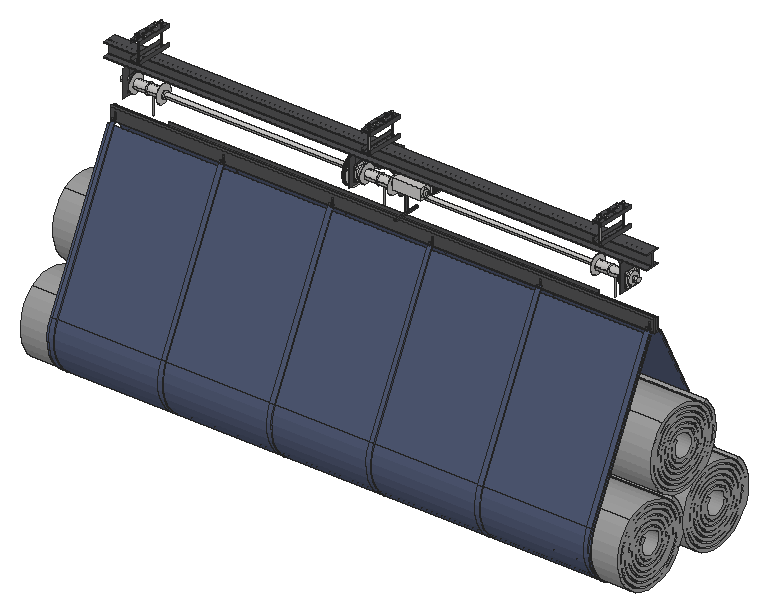
Revit family "Wrestling_Mat_Storage-PSS-4091", category Specialty Equipment, Revit 2017
Family settings
  Round Connector Dimension = Use Diameter
  Part Type = Normal
  OmniClass Number = 23.40.50.34.34
  OmniClass Title = Equipment Storage Racks
  Work Plane-Based = No
  Always vertical = Yes
  Cut with Voids When Loaded = No
  Shared = No
  Room Calculation Point = No
Parameters
  URL = "http://www.perfsports.com/"
  Superstructure Finish = Powder Coat - Performance Sports Systems - Black
  Sling Material = Vinyl Coated Fabric - Performance Sports Systems - C04 Royal Blue
  Mat Color = Generic - Wrestling Mat
  Product Page URL = "http://www.perfsports.com/store/p-96-4090-mat-storage-system.aspx"
  Model = "4091"
  Manufacturer = "Performance Sports Systems"  # constant formula
  Length = 20' - 0"
  Description = "Wrestling Mat Storage System"
  Created By = "Revitus"  # constant formula
  Creator URL = "http://www.revituspro.com/"
  BIM Version = "v3.1"
  CSI MasterFormat = "11 66 23"
  Assembly Code = "E1020900"
  Attachment Height [instance] = 24' - 6"
Reference planes (in)
  plane 1 "Centerline of Drive Shaft (Front/Back)": y = 0
  plane 2: z = 0
  plane 3 "Center (Left/Right)": x = 0
  plane 4 "Left": x = -120
  plane 5 "Right": x = 120
  plane 6: x = -118
  plane 7: x = 118
  plane 8 "Top of Load Bar": z = 257.875
  plane 9: x = -94.75
  plane 10: x = 94.75
  plane 11 "Centerline of Curtain Roller (Top/Bottom)": z = 271.375
  plane 12 "Bottom of Structure": z = 294
  plane 13 "Bottom of Load Bar": z = 251.875
  plane 14: x = -120
  plane 15: x = 120
  plane 16 "Left Carrier Centerline (Left/Right)": x = -102
  plane 17 "Right Carrier Centerline (Left/Right)": x = 102
  plane 18: y = 3
  plane 19: y = 1
  plane 20 "Drive Shaft - Left": x = -114
  plane 21 "Drive Shaft - Right": x = 114
  plane 22 "Edge of Mat - Left": x = -132
  plane 23 "Edge of Mat - Right": x = 132
  plane 24: z = 193.375
  plane 25 "Centerline of Mat (Top/Bottom)": z = 211.375
  plane 26: z = 259.875
  plane 27: y = 2.25
  plane 28: y = 1.75
  plane 29 "Center (Front/Back)": y = 2
  plane 30 "Back": y = 20
  plane 31 "Front": y = -16
  plane 32: x = -22
  plane 33: z = 180.75
  plane 34: x = -70
  plane 35: x = 22
  plane 36: x = 70
  plane 37: z = 162.75
Forms (in)
  Extrusion 1, solid, material "Powder Coat - Performance Sports Systems - Black" <- "Superstructure Finish"
    sketch origin (0, 0, 117) x (0, 1, 0) y (0, 0, 1)
      loop
        arc (3, 140.5) -> (2.89017, 140.76517) -> (2.625, 140.875) r 0.375
        line (2.625, 140.875) -> (1.375, 140.875)
        arc (1.375, 140.875) -> (1.10983, 140.76517) -> (1, 140.5) r 0.375
        line (1, 140.5) -> (1, 135.25)
        arc (1, 135.25) -> (1.10983, 134.98483) -> (1.375, 134.875) r 0.375
        line (1.375, 134.875) -> (2.625, 134.875)
        arc (2.625, 134.875) -> (2.89017, 134.98483) -> (3, 135.25) r 0.375
        line (3, 135.25) -> (3, 140.5)
      loop
        arc (2.8125, 140.5) -> (2.75758, 140.63258) -> (2.625, 140.6875) r 0.1875
        line (2.625, 140.6875) -> (1.375, 140.6875)
        arc (1.375, 140.6875) -> (1.24242, 140.63258) -> (1.1875, 140.5) r 0.1875
        line (1.1875, 140.5) -> (1.1875, 135.25)
        arc (1.1875, 135.25) -> (1.24242, 135.11742) -> (1.375, 135.0625) r 0.1875
        line (1.375, 135.0625) -> (2.625, 135.0625)
        arc (2.625, 135.0625) -> (2.75758, 135.11742) -> (2.8125, 135.25) r 0.1875
        line (2.8125, 135.25) -> (2.8125, 140.5)
    from -120 to 120
  Extrusion 2, solid, material "Metal - Performance Sports Systems - Gray Steel"
    sketch origin (0, 0, 0) x (0, 1, 0) y (0, 0, 1)
      loop
        circle (0, 271.375) r 1
    from -114 to 114
  Extrusion 3, solid, material "Powder Coat - Performance Sports Systems - Black" <- "Superstructure Finish", detail levels medium+fine
    sketch origin (0, 0, 0) x (0, 1, 0) y (0, 0, 1)
      loop
        line (-3, 285) -> (-3, 284.5625) -> (-0.40625, 284.5625)
        arc (-0.40625, 284.5625) -> (-0.22947, 284.48928) -> (-0.15625, 284.3125) r 0.25
        line (-0.15625, 284.3125) -> (-0.15625, 279.3125)
        arc (-0.15625, 279.3125) -> (-0.22947, 279.13572) -> (-0.40625, 279.0625) r 0.25
        line (-0.40625, 279.0625) -> (-3, 279.0625) -> (-3, 278.625) -> (3, 278.625) -> (3, 279.0625) -> (0.40625, 279.0625)
        arc (0.40625, 279.0625) -> (0.22947, 279.13572) -> (0.15625, 279.3125) r 0.25
        line (0.15625, 279.3125) -> (0.15625, 284.3125)
        arc (0.15625, 284.3125) -> (0.22947, 284.48928) -> (0.40625, 284.5625) r 0.25
        line (0.40625, 284.5625) -> (3, 284.5625) -> (3, 285) -> (-3, 285)
    from -120 to 120
  Extrusion 4, solid, material "Powder Coat - Performance Sports Systems - Black" <- "Superstructure Finish"
    sketch origin (0, 0, 0) x (0, 1, 0) y (0, 0, 1)
      loop
        line (2.25, 257.875) -> (2.25, 259.875) -> (1.75, 259.875) -> (1.75, 257.875) -> (2.25, 257.875)
    from -94.75 to 94.75
  Extrusion 5, solid, material "Generic - Wrestling Mat" <- "Mat Color"
    sketch origin (0, 0, 0) x (0, 1, 0) y (0, 0, 1)
      loop
        arc (-2.24264, 215.61764) -> (2, 205.375) -> (6.24264, 215.61764) r 6
        arc (6.24264, 215.61764) -> (1.5286, 217.97466) -> (-3.65685, 217.03185) r 8.33333
        arc (-3.65685, 217.03185) -> (2, 203.375) -> (7.65685, 217.03185) r 8
        arc (7.65685, 217.03185) -> (1.7971, 219.97427) -> (-4.66009, 218.83443) r 10.42105
        arc (-4.66009, 218.83443) -> (1.71728, 201.379) -> (9.07107, 218.44607) r 10
        arc (9.07107, 218.44607) -> (1.97061, 221.96962) -> (-5.81506, 220.4813) r 12.42105
        arc (-5.81506, 220.4813) -> (1.54315, 199.3837) -> (10.48528, 219.86028) r 12
        arc (10.48528, 219.86028) -> (2.14446, 223.96412) -> (-6.9677, 222.12583) r 14.42105
        arc (-6.9677, 222.12583) -> (1.36892, 197.38923) -> (11.89949, 221.27449) r 14
        arc (11.89949, 221.27449) -> (2.31851, 225.95809) -> (-8.11886, 223.7689) r 16.42105
        arc (-8.11886, 223.7689) -> (1.19463, 195.39528) -> (13.31371, 222.68871) r 16
        arc (13.31371, 222.68871) -> (2.49269, 227.95171) -> (-9.26904, 225.41098) r 18.42105
        arc (-9.26904, 225.41098) -> (1.02029, 193.40168) -> (14.72792, 224.10292) r 18
        line (14.72792, 224.10292) -> (13.84404, 223.21904)
        arc (13.84404, 223.21904) -> (1.12926, 194.64765) -> (-8.55027, 224.38477) r 16.75
        arc (-8.55027, 224.38477) -> (2.38382, 226.70573) -> (12.42983, 221.80483) r 17.17105
        arc (12.42983, 221.80483) -> (1.30357, 196.64145) -> (-7.39952, 222.74212) r 14.75
        arc (-7.39952, 222.74212) -> (2.20971, 224.71191) -> (11.01561, 220.39061) r 15.17105
        arc (11.01561, 220.39061) -> (1.47782, 198.6357) -> (-6.24752, 221.09822) r 12.75
        arc (-6.24752, 221.09822) -> (2.03578, 222.71764) -> (9.6014, 218.9764) r 13.17105
        arc (9.6014, 218.9764) -> (1.65199, 200.63063) -> (-5.09356, 219.45237) r 10.75
        arc (-5.09356, 219.45237) -> (1.86211, 220.72266) -> (8.18718, 217.56218) r 11.17105
        arc (8.18718, 217.56218) -> (1.82605, 202.62673) -> (-3.93634, 217.80324) r 8.75
        arc (-3.93634, 217.80324) -> (1.68894, 218.72649) -> (6.77297, 216.14797) r 9.17105
        arc (6.77297, 216.14797) -> (2, 204.625) -> (-2.77297, 216.14797) r 6.75
        arc (-2.77297, 216.14797) -> (1.51675, 216.72806) -> (5.35876, 214.73376) r 7.17105
        arc (5.35876, 214.73376) -> (2, 206.625) -> (-1.35876, 214.73376) r 4.75
        line (-1.35876, 214.73376) -> (-2.24264, 215.61764)
    from -132 to 132
  Extrusion 6, solid, material "Vinyl Coated Fabric - Performance Sports Systems - C04 Royal Blue" <- "Sling Material"
    sketch origin (0, 0, 0) x (0, 1, 0) y (0, 0, 1)
      loop
        line (20, 162.75) -> (-16, 162.75)
        arc (-16, 162.75) -> (-31.31112, 171.28587) -> (-32.10071, 188.79781) r 18
        line (-32.10071, 188.79781) -> (-0.57209, 251.875) -> (-0.71184, 251.875) -> (-32.21252, 188.85369)
        arc (-32.21252, 188.85369) -> (-31.41744, 171.22015) -> (-16, 162.625) r 18.125
        line (-16, 162.625) -> (20, 162.625)
        arc (20, 162.625) -> (35.41744, 171.22015) -> (36.21252, 188.85369) r 18.125
        line (36.21252, 188.85369) -> (4.71184, 251.875) -> (4.57209, 251.875) -> (36.10071, 188.79781)
        arc (36.10071, 188.79781) -> (35.31112, 171.28587) -> (20, 162.75) r 18
    from -120 to 120
  Extrusion 7, solid, material "Generic - Wrestling Mat" <- "Mat Color"
    sketch origin (0, 18, 0) x (0, 1, 0) y (0, 0, 1)
      loop
        arc (-2.24264, 184.99264) -> (2, 174.75) -> (6.24264, 184.99264) r 6
        arc (6.24264, 184.99264) -> (1.5286, 187.34966) -> (-3.65685, 186.40685) r 8.33333
        arc (-3.65685, 186.40685) -> (2, 172.75) -> (7.65685, 186.40685) r 8
        arc (7.65685, 186.40685) -> (1.7971, 189.34927) -> (-4.66009, 188.20943) r 10.42105
        arc (-4.66009, 188.20943) -> (1.71728, 170.754) -> (9.07107, 187.82107) r 10
        arc (9.07107, 187.82107) -> (1.97061, 191.34462) -> (-5.81506, 189.8563) r 12.42105
        arc (-5.81506, 189.8563) -> (1.54315, 168.7587) -> (10.48528, 189.23528) r 12
        arc (10.48528, 189.23528) -> (2.14446, 193.33912) -> (-6.9677, 191.50083) r 14.42105
        arc (-6.9677, 191.50083) -> (1.36892, 166.76423) -> (11.89949, 190.64949) r 14
        arc (11.89949, 190.64949) -> (2.31851, 195.33309) -> (-8.11886, 193.1439) r 16.42105
        arc (-8.11886, 193.1439) -> (1.19463, 164.77028) -> (13.31371, 192.06371) r 16
        arc (13.31371, 192.06371) -> (2.49269, 197.32671) -> (-9.26904, 194.78598) r 18.42105
        arc (-9.26904, 194.78598) -> (1.02029, 162.77668) -> (14.72792, 193.47792) r 18
        line (14.72792, 193.47792) -> (13.84404, 192.59404)
        arc (13.84404, 192.59404) -> (1.12926, 164.02265) -> (-8.55027, 193.75977) r 16.75
        arc (-8.55027, 193.75977) -> (2.38382, 196.08073) -> (12.42983, 191.17983) r 17.17105
        arc (12.42983, 191.17983) -> (1.30357, 166.01645) -> (-7.39952, 192.11712) r 14.75
        arc (-7.39952, 192.11712) -> (2.20971, 194.08691) -> (11.01561, 189.76561) r 15.17105
        arc (11.01561, 189.76561) -> (1.47782, 168.0107) -> (-6.24752, 190.47322) r 12.75
        arc (-6.24752, 190.47322) -> (2.03578, 192.09264) -> (9.6014, 188.3514) r 13.17105
        arc (9.6014, 188.3514) -> (1.65199, 170.00563) -> (-5.09356, 188.82737) r 10.75
        arc (-5.09356, 188.82737) -> (1.86211, 190.09766) -> (8.18718, 186.93718) r 11.17105
        arc (8.18718, 186.93718) -> (1.82605, 172.00173) -> (-3.93634, 187.17824) r 8.75
        arc (-3.93634, 187.17824) -> (1.68894, 188.10149) -> (6.77297, 185.52297) r 9.17105
        arc (6.77297, 185.52297) -> (2, 174) -> (-2.77297, 185.52297) r 6.75
        arc (-2.77297, 185.52297) -> (1.51675, 186.10306) -> (5.35876, 184.10876) r 7.17105
        arc (5.35876, 184.10876) -> (2, 176) -> (-1.35876, 184.10876) r 4.75
        line (-1.35876, 184.10876) -> (-2.24264, 184.99264)
    from -132 to 132
  Sweep 8, solid, material "Metal - Performance Sports Systems - Gray Steel"
    path origin (-102, 0, 0) x (0, 0, 1) y (0, -1, 0)
      loop
        line (259.875, -2) -> (271.375, -2)
        arc (271.375, -2) -> (272.78921, 1.41421) -> (269.375, 0) r 2
    profile origin (-102, -1.41421, 272.78921) x (0, 0.707107, -0.707107) y (1, 0, 0)
      loop
        circle (-0.15625, 0) r 0.15625
  Sweep 9, solid, material "Metal - Performance Sports Systems - Gray Steel"
    path origin (102, 0, 0) x (0, 0, 1) y (0, -1, 0)
      loop
        line (259.875, -2) -> (271.375, -2)
        arc (271.375, -2) -> (272.78921, 1.41421) -> (269.375, 0) r 2
    profile origin (102, -1.41421, 272.78921) x (0, -0.707107, 0.707107) y (-1, 0, 0)
      loop
        circle (-0.15625, 0) r 0.15625
  Sweep 10, solid, material "Metal - Performance Sports Systems - Gray Steel"
    path origin (0, 0, 0) x (0, 1, 0) y (0, 0, 1)
      loop
        line (2, 259.875) -> (2, 271.375)
        arc (2, 271.375) -> (-1.41421, 272.78921) -> (0, 269.375) r 2
    profile origin (0, -1.41421, 272.78921) x (0, 0.707107, -0.707107) y (1, 0, 0)
      loop
        circle (-0.15625, 0) r 0.15625
  Extrusion 11, solid, material "Generic - Wrestling Mat" <- "Mat Color"
    sketch origin (0, -18, 0) x (0, 1, 0) y (0, 0, 1)
      loop
        arc (-2.24264, 184.99264) -> (2, 174.75) -> (6.24264, 184.99264) r 6
        arc (6.24264, 184.99264) -> (1.5286, 187.34966) -> (-3.65685, 186.40685) r 8.33333
        arc (-3.65685, 186.40685) -> (2, 172.75) -> (7.65685, 186.40685) r 8
        arc (7.65685, 186.40685) -> (1.7971, 189.34927) -> (-4.66009, 188.20943) r 10.42105
        arc (-4.66009, 188.20943) -> (1.71728, 170.754) -> (9.07107, 187.82107) r 10
        arc (9.07107, 187.82107) -> (1.97061, 191.34462) -> (-5.81506, 189.8563) r 12.42105
        arc (-5.81506, 189.8563) -> (1.54315, 168.7587) -> (10.48528, 189.23528) r 12
        arc (10.48528, 189.23528) -> (2.14446, 193.33912) -> (-6.9677, 191.50083) r 14.42105
        arc (-6.9677, 191.50083) -> (1.36892, 166.76423) -> (11.89949, 190.64949) r 14
        arc (11.89949, 190.64949) -> (2.31851, 195.33309) -> (-8.11886, 193.1439) r 16.42105
        arc (-8.11886, 193.1439) -> (1.19463, 164.77028) -> (13.31371, 192.06371) r 16
        arc (13.31371, 192.06371) -> (2.49269, 197.32671) -> (-9.26904, 194.78598) r 18.42105
        arc (-9.26904, 194.78598) -> (1.02029, 162.77668) -> (14.72792, 193.47792) r 18
        line (14.72792, 193.47792) -> (13.84404, 192.59404)
        arc (13.84404, 192.59404) -> (1.12926, 164.02265) -> (-8.55027, 193.75977) r 16.75
        arc (-8.55027, 193.75977) -> (2.38382, 196.08073) -> (12.42983, 191.17983) r 17.17105
        arc (12.42983, 191.17983) -> (1.30357, 166.01645) -> (-7.39952, 192.11712) r 14.75
        arc (-7.39952, 192.11712) -> (2.20971, 194.08691) -> (11.01561, 189.76561) r 15.17105
        arc (11.01561, 189.76561) -> (1.47782, 168.0107) -> (-6.24752, 190.47322) r 12.75
        arc (-6.24752, 190.47322) -> (2.03578, 192.09264) -> (9.6014, 188.3514) r 13.17105
        arc (9.6014, 188.3514) -> (1.65199, 170.00563) -> (-5.09356, 188.82737) r 10.75
        arc (-5.09356, 188.82737) -> (1.86211, 190.09766) -> (8.18718, 186.93718) r 11.17105
        arc (8.18718, 186.93718) -> (1.82605, 172.00173) -> (-3.93634, 187.17824) r 8.75
        arc (-3.93634, 187.17824) -> (1.68894, 188.10149) -> (6.77297, 185.52297) r 9.17105
        arc (6.77297, 185.52297) -> (2, 174) -> (-2.77297, 185.52297) r 6.75
        arc (-2.77297, 185.52297) -> (1.51675, 186.10306) -> (5.35876, 184.10876) r 7.17105
        arc (5.35876, 184.10876) -> (2, 176) -> (-1.35876, 184.10876) r 4.75
        line (-1.35876, 184.10876) -> (-2.24264, 184.99264)
    from -132 to 132
Lines and regions (in)
  symbolic lines, style "SpecialityEquipmentHiddenLines"
    curve 1: line (-120, 20, 0) -> (120, 20, 0)
    curve 2: line (-120, -16, 0) -> (120, -16, 0)
    curve 3: line (-120, 20, 0) -> (-120, -16, 0)
    curve 4: line (120, 20, 0) -> (120, -16, 0)
  model lines, style "InvisibleLines", not visible
    curve 5: line (0, 0, 259.875) -> (0, 0, 0)
Dimensions and locks (in)
  "Length": plane 4 "Left" to plane 5 "Right"
  locked: plane 4 "Left" to plane 9 at 25.25
  locked: plane 5 "Right" to plane 10 at 25.25
  equal spacing: plane 4 "Left", plane 3 "Center (Left/Right)", plane 5 "Right"
  "Attachment Height": plane 12 "Bottom of Structure" to level
  locked: plane 12 "Bottom of Structure" to plane 11 "Centerline of Curtain Roller (Top/Bottom)" at 22.625
  plane 12 "Bottom of Structure" to Extrusion 3 sketch curve to Extrusion 3 sketch curve = 0' - 9" locked, 0' - 6 3/8" locked
  plane 15 to plane 3 "Center (Left/Right)" to plane 14 = 10' - 0" locked, 10' - 0" locked
  locked: plane 16 "Left Carrier Centerline (Left/Right)" to plane 14 at 18
  locked: plane 17 "Right Carrier Centerline (Left/Right)" to plane 15 at 18
  plane 18 to plane 19 to plane 1 "Centerline of Drive Shaft (Front/Back)" = 0' - 2" locked, 0' - 1" locked
  locked: plane 8 "Top of Load Bar" to plane 13 "Bottom of Load Bar" at 6
  locked: plane 20 "Drive Shaft - Left" to plane 14 at 6
  locked: plane 21 "Drive Shaft - Right" to plane 15 at 6
  locked: plane 22 "Edge of Mat - Left" to plane 4 "Left" at 12
  locked: plane 5 "Right" to plane 23 "Edge of Mat - Right" at 12
  plane 11 "Centerline of Curtain Roller (Top/Bottom)" to plane 24 = 6' - 6"
  locked: plane 25 "Centerline of Mat (Top/Bottom)" to plane 24 at 18
  locked: plane 13 "Bottom of Load Bar" to plane 24 at 58.5
  locked: plane 26 to plane 8 "Top of Load Bar" at 2
  plane 18 to plane 27 to plane 28 = 0' - 0 3/4" locked, 0' - 0 1/2" locked
  locked: plane 6 to plane 4 "Left" at 2
  locked: plane 5 "Right" to plane 7 at 2
  locked: plane 29 "Center (Front/Back)" to plane 1 "Centerline of Drive Shaft (Front/Back)" at 2
  plane 30 "Back" to plane 29 "Center (Front/Back)" to plane 31 "Front" = 1' - 6" locked, 1' - 6" locked
  plane 35 to plane 3 "Center (Left/Right)" to plane 32 = 1' - 10" locked, 1' - 10" locked
  locked: plane 25 "Centerline of Mat (Top/Bottom)" to plane 33 at 30.625
  equal spacing: plane 32, plane 34, plane 6
  equal spacing: plane 35, plane 36, plane 7
  plane 33 to plane 37 = 1' - 6"
  aligned and locked: level to plane 2
  aligned and locked: level to curve 5
  aligned and locked: plane 4 "Left" to curve 3
  aligned and locked: curve 4 to plane 5 "Right"
  aligned and locked: plane 5 "Right" to Extrusion 1
  aligned and locked: plane 4 "Left" to Extrusion 1
  aligned: plane 5 "Right" to Extrusion 2
  aligned: plane 5 "Right" to Extrusion 3
  aligned and locked: plane 11 "Centerline of Curtain Roller (Top/Bottom)" to nested 1
  aligned and locked: plane 1 "Centerline of Drive Shaft (Front/Back)" to nested 1
  aligned and locked: Extrusion 3 to plane 14
  aligned and locked: Extrusion 3 to plane 15
  aligned and locked: plane 16 "Left Carrier Centerline (Left/Right)" to nested 1
  aligned and locked: Extrusion 2 to plane 20 "Drive Shaft - Left"
  aligned and locked: Extrusion 2 to plane 21 "Drive Shaft - Right"
  aligned and locked: nested 2 to plane 11 "Centerline of Curtain Roller (Top/Bottom)"
  aligned and locked: nested 2 to plane 17 "Right Carrier Centerline (Left/Right)"
  aligned and locked: nested 2 to plane 1 "Centerline of Drive Shaft (Front/Back)"
  aligned and locked: plane 11 "Centerline of Curtain Roller (Top/Bottom)" to nested 3
  aligned and locked: plane 3 "Center (Left/Right)" to nested 3
  aligned and locked: plane 1 "Centerline of Drive Shaft (Front/Back)" to nested 3
  aligned and locked: plane 18 to Extrusion 1 sketch curve
  aligned and locked: plane 8 "Top of Load Bar" to Extrusion 1 sketch curve
  aligned and locked: plane 13 "Bottom of Load Bar" to Extrusion 1 sketch curve
  aligned and locked: Extrusion 1 sketch curve to plane 19
  aligned and locked: plane 27 to Extrusion 4 sketch curve
  aligned and locked: plane 28 to Extrusion 4 sketch curve
  aligned and locked: plane 8 "Top of Load Bar" to Extrusion 4 sketch curve
  aligned and locked: plane 26 to Extrusion 4 sketch curve
  aligned and locked: Extrusion 4 to plane 9
  aligned and locked: Extrusion 4 to plane 10
  aligned and locked: Extrusion 5 to plane 22 "Edge of Mat - Left"
  aligned and locked: Extrusion 5 to plane 23 "Edge of Mat - Right"
  aligned and locked: plane 4 "Left" to Extrusion 6
  aligned and locked: plane 5 "Right" to Extrusion 6
  aligned and locked: curve 1 to plane 30 "Back"
  aligned and locked: plane 31 "Front" to curve 2
  aligned: plane 25 "Centerline of Mat (Top/Bottom)" to nested 4
  aligned and locked: plane 29 "Center (Front/Back)" to nested 4
  aligned and locked: plane 6 to nested 4
  aligned and locked: plane 32 to nested 6
  aligned and locked: plane 34 to nested 5
  aligned: plane 25 "Centerline of Mat (Top/Bottom)" to nested 5
  aligned: plane 25 "Centerline of Mat (Top/Bottom)" to nested 6
  aligned and locked: plane 29 "Center (Front/Back)" to nested 5
  aligned and locked: plane 29 "Center (Front/Back)" to nested 6
  aligned: plane 25 "Centerline of Mat (Top/Bottom)" to nested 7
  aligned: plane 25 "Centerline of Mat (Top/Bottom)" to nested 8
  aligned: plane 25 "Centerline of Mat (Top/Bottom)" to nested 9
  aligned and locked: plane 29 "Center (Front/Back)" to nested 7
  aligned and locked: plane 29 "Center (Front/Back)" to nested 8
  aligned and locked: plane 29 "Center (Front/Back)" to nested 9
  aligned and locked: nested 7 to plane 35
  aligned and locked: nested 8 to plane 36
  aligned and locked: nested 9 to plane 7
  aligned and locked: Extrusion 7 to plane 22 "Edge of Mat - Left"
  aligned and locked: Extrusion 7 to plane 23 "Edge of Mat - Right"
  aligned and locked: Sweep 8 sketch curve to nested 4
  aligned and locked: plane 26 to Sweep 8 sketch curve
  aligned and locked: Sweep 9 sketch curve to plane 29 "Center (Front/Back)"
  aligned and locked: plane 26 to Sweep 9 sketch curve
  aligned and locked: plane 1 "Centerline of Drive Shaft (Front/Back)" to Sweep 9 sketch curve
  aligned and locked: Sweep 10 sketch curve to plane 29 "Center (Front/Back)"
  aligned and locked: plane 26 to Sweep 10 sketch curve
  aligned and locked: plane 1 "Centerline of Drive Shaft (Front/Back)" to Sweep 10 sketch curve
  aligned and locked: plane 25 "Centerline of Mat (Top/Bottom)" to nested 4
  aligned and locked: plane 25 "Centerline of Mat (Top/Bottom)" to nested 5
  aligned and locked: plane 25 "Centerline of Mat (Top/Bottom)" to nested 6
  aligned and locked: plane 25 "Centerline of Mat (Top/Bottom)" to nested 7
  aligned and locked: plane 25 "Centerline of Mat (Top/Bottom)" to nested 8
  aligned and locked: plane 25 "Centerline of Mat (Top/Bottom)" to nested 9
  aligned and locked: Extrusion 11 to plane 22 "Edge of Mat - Left"
  aligned and locked: Extrusion 11 to plane 23 "Edge of Mat - Right"
  aligned and locked: plane 37 to Extrusion 6 sketch curve
  aligned and locked: nested 4 to Extrusion 6 sketch curve
  aligned and locked: Extrusion 6 sketch curve to nested 4
  aligned and locked: plane 13 "Bottom of Load Bar" to Extrusion 6 sketch curve
Automatic sketch dimensions
  curve 5 to plane 3 "Center (Left/Right)" = 0' - 0"
  curve 5 to plane 26 = 0' - 0"
  Extrusion 1 sketch curve to Extrusion 1 sketch curve = 0' - 0"  (x8)
  plane 19 to Extrusion 1 sketch curve = 0' - 0 3/16"
  Extrusion 1 sketch curve to Extrusion 1 sketch curve = 0' - 0 3/16"  (x2)
  plane 18 to Extrusion 1 sketch curve = 0' - 0 3/8"  (x2)
  Extrusion 2 sketch curve to plane 1 "Centerline of Drive Shaft (Front/Back)" = 0' - 0"
  Extrusion 2 sketch curve to plane 11 "Centerline of Curtain Roller (Top/Bottom)" = 0' - 0"
  Extrusion 3 sketch curve to plane 18 = 0' - 0"  (x2)
  Extrusion 3 sketch curve to plane 1 "Centerline of Drive Shaft (Front/Back)" = 0' - 0 13/32"  (x2)
  Extrusion 3 sketch curve to plane 1 "Centerline of Drive Shaft (Front/Back)" = 0' - 0 5/32"
  plane 1 "Centerline of Drive Shaft (Front/Back)" to Extrusion 3 sketch curve = 0' - 0 5/32"
  Extrusion 3 sketch curve to Extrusion 3 sketch curve = 0' - 0 1/4"  (x2)
  Extrusion 3 sketch curve to Extrusion 3 sketch curve = 0' - 2 19/32"  (x2)
  Extrusion 3 sketch curve to Extrusion 3 sketch curve = 0' - 0 7/16"  (x2)
  Extrusion 3 sketch curve to Extrusion 3 sketch curve = 0' - 0 11/16"
  Extrusion 3 sketch curve to Extrusion 3 sketch curve = 0' - 0"
  Extrusion 5 sketch curve to Extrusion 5 sketch curve = 0' - 0"  (x304)
  Extrusion 5 sketch curve to plane 25 "Centerline of Mat (Top/Bottom)" = 0' - 0"
  Extrusion 5 sketch curve to plane 29 "Center (Front/Back)" = 0' - 0"
  Extrusion 5 sketch curve to plane 1 "Centerline of Drive Shaft (Front/Back)" = 0' - 0.35008"
  Extrusion 5 sketch curve to Extrusion 5 sketch curve = 0' - 0.06203"
  plane 1 "Centerline of Drive Shaft (Front/Back)" to Extrusion 5 sketch curve = 0' - 1.35876"
  Extrusion 5 sketch curve to Extrusion 5 sketch curve = 0' - 0.88388"  (x4)
  Extrusion 5 sketch curve to Extrusion 5 sketch curve = 0' - 0.53033"  (x4)
  Extrusion 5 sketch curve to Extrusion 5 sketch curve = 0' - 0.27949"
  Extrusion 5 sketch curve to Extrusion 5 sketch curve = 0' - 0.72375"
  Extrusion 5 sketch curve to Extrusion 5 sketch curve = 0' - 0.43347"
  Extrusion 5 sketch curve to Extrusion 5 sketch curve = 0' - 0.7215"
  Extrusion 5 sketch curve to Extrusion 5 sketch curve = 0' - 0.43245"
  Extrusion 5 sketch curve to Extrusion 5 sketch curve = 0' - 0.72018"
  Extrusion 5 sketch curve to Extrusion 5 sketch curve = 0' - 0.43183"
  Extrusion 5 sketch curve to Extrusion 5 sketch curve = 0' - 0.71934"
  Extrusion 5 sketch curve to Extrusion 5 sketch curve = 0' - 0.43141"
  Extrusion 5 sketch curve to Extrusion 5 sketch curve = 0' - 0 23/32"
  Extrusion 5 sketch curve to plane 18 = 0' - 2.35876"
  Extrusion 7 sketch curve to Extrusion 7 sketch curve = 0' - 0"  (x303)
  Extrusion 7 sketch curve to plane 30 "Back" = 0' - 0"
  Extrusion 7 sketch curve to plane 33 = 0' - 0"
  Extrusion 7 sketch curve to plane 30 "Back" = 0' - 1.64992"
  Extrusion 7 sketch curve to Extrusion 7 sketch curve = 0' - 0.06203"
  Extrusion 7 sketch curve to plane 30 "Back" = 0' - 3.35876"
  Extrusion 7 sketch curve to Extrusion 7 sketch curve = 0' - 0.88388"  (x3)
  Extrusion 7 sketch curve to Extrusion 7 sketch curve = 0' - 0.53033"  (x4)
  Extrusion 7 sketch curve to Extrusion 7 sketch curve = 0' - 0.27949"
  Extrusion 7 sketch curve to Extrusion 7 sketch curve = 0' - 0.72375"
  Extrusion 7 sketch curve to Extrusion 7 sketch curve = 0' - 0.43347"
  Extrusion 7 sketch curve to Extrusion 7 sketch curve = 0' - 0.7215"
  Extrusion 7 sketch curve to Extrusion 7 sketch curve = 0' - 0.43245"
  Extrusion 7 sketch curve to Extrusion 7 sketch curve = 0' - 0.72018"
  Extrusion 7 sketch curve to Extrusion 7 sketch curve = 0' - 0.43183"
  Extrusion 7 sketch curve to plane 24 = 0' - 0.2311"
  Extrusion 7 sketch curve to Extrusion 7 sketch curve = 0' - 0.71934"
  Extrusion 7 sketch curve to Extrusion 7 sketch curve = 0' - 0.43141"
  Extrusion 7 sketch curve to Extrusion 7 sketch curve = 0' - 0 23/32"
  plane 30 "Back" to Extrusion 7 sketch curve = 0' - 3.35876"
  plane 24 to Extrusion 7 sketch curve = 0' - 0.10292"
  Sweep 8 sketch curve to plane 1 "Centerline of Drive Shaft (Front/Back)" = 0' - 0"
  Sweep 8 sketch curve to plane 11 "Centerline of Curtain Roller (Top/Bottom)" = 0' - 0"
  Sweep 8 sketch curve to plane 16 "Left Carrier Centerline (Left/Right)" = 0' - 0"
  profile plane to Sweep 8 sketch curve = 0' - 0 5/32"
  Sweep 9 sketch curve to plane 11 "Centerline of Curtain Roller (Top/Bottom)" = 0' - 0"
  Sweep 9 sketch curve to plane 17 "Right Carrier Centerline (Left/Right)" = 0' - 0"
  profile plane to Sweep 9 sketch curve = 0' - 0 5/32"
  Sweep 10 sketch curve to plane 11 "Centerline of Curtain Roller (Top/Bottom)" = 0' - 0"
  Sweep 10 sketch curve to plane 3 "Center (Left/Right)" = 0' - 0"
  profile plane to Sweep 10 sketch curve = 0' - 0 5/32"
  Extrusion 11 sketch curve to Extrusion 11 sketch curve = 0' - 0"  (x303)
  Extrusion 11 sketch curve to plane 31 "Front" = 0' - 0"
  Extrusion 11 sketch curve to plane 33 = 0' - 0"
  plane 31 "Front" to Extrusion 11 sketch curve = 0' - 1.64992"
  Extrusion 11 sketch curve to Extrusion 11 sketch curve = 0' - 0.06203"
  plane 31 "Front" to Extrusion 11 sketch curve = 0' - 3.35876"
  Extrusion 11 sketch curve to Extrusion 11 sketch curve = 0' - 0.88388"  (x3)
  Extrusion 11 sketch curve to Extrusion 11 sketch curve = 0' - 0.53033"  (x4)
  Extrusion 11 sketch curve to Extrusion 11 sketch curve = 0' - 0.27949"
  Extrusion 11 sketch curve to Extrusion 11 sketch curve = 0' - 0.72375"
  Extrusion 11 sketch curve to Extrusion 11 sketch curve = 0' - 0.43347"
  Extrusion 11 sketch curve to Extrusion 11 sketch curve = 0' - 0.7215"
  Extrusion 11 sketch curve to Extrusion 11 sketch curve = 0' - 0.43245"
  Extrusion 11 sketch curve to Extrusion 11 sketch curve = 0' - 0.72018"
  Extrusion 11 sketch curve to Extrusion 11 sketch curve = 0' - 0.43183"
  Extrusion 11 sketch curve to plane 24 = 0' - 0.2311"
  Extrusion 11 sketch curve to Extrusion 11 sketch curve = 0' - 0.71934"
  Extrusion 11 sketch curve to Extrusion 11 sketch curve = 0' - 0.43141"
  Extrusion 11 sketch curve to Extrusion 11 sketch curve = 0' - 0 23/32"
  Extrusion 11 sketch curve to plane 31 "Front" = 0' - 3.35876"
  plane 24 to Extrusion 11 sketch curve = 0' - 0.10292"
  plane 30 "Back" to Extrusion 6 sketch curve = 0' - 0"
  Extrusion 6 sketch curve to Extrusion 6 sketch curve = 0' - 0"  (x4)
  Extrusion 6 sketch curve to plane 33 = 0' - 0"  (x2)
  Extrusion 6 sketch curve to plane 24 = 0' - 4.52131"  (x2)
  Extrusion 6 sketch curve to Extrusion 6 sketch curve = 0' - 0.13975"  (x2)
  Extrusion 6 sketch curve to Extrusion 6 sketch curve = 0' - 0.11181"  (x2)
  Extrusion 6 sketch curve to plane 13 "Bottom of Load Bar" = 0' - 0"
  radius of Extrusion 2 sketch curve = 0' - 1"
  radius of Sweep 8 sketch curve = 0' - 0 5/32"
  radius of Sweep 9 sketch curve = 0' - 0 5/32"
  radius of Sweep 10 sketch curve = 0' - 0 5/32"
Nested families (in)
  nested 1: "Wrestling_Mat_Storage-Carrier-PSS" at (-102, 0, 271.375), type "Wrestling_Mat_Storage-Carrier-PSS"
  nested 2: "Wrestling_Mat_Storage-Carrier-PSS" at (102, 0, 271.375) x (-1, 0, 0) z (0, 0, 1), type "Wrestling_Mat_Storage-Carrier-PSS"
  nested 3: "Wrestling_Mat_Storage-Hoist-PSS" at (0, 0, 271.375), type "Wrestling_Mat_Storage-Hoist-PSS"
  nested 4: "Wrestling_Mat_Storage-Sling_Strap-PSS-4091" at (-118, 2, 211.375), type "Wrestling_Mat_Storage-Sling_Strap-PSS-4091"
  nested 5: "Wrestling_Mat_Storage-Sling_Strap-PSS-4091" at (-70, 2, 211.375), type "Wrestling_Mat_Storage-Sling_Strap-PSS-4091"
  nested 6: "Wrestling_Mat_Storage-Sling_Strap-PSS-4091" at (-22, 2, 211.375), type "Wrestling_Mat_Storage-Sling_Strap-PSS-4091"
  nested 7: "Wrestling_Mat_Storage-Sling_Strap-PSS-4091" at (22, 2, 211.375), type "Wrestling_Mat_Storage-Sling_Strap-PSS-4091"
  nested 8: "Wrestling_Mat_Storage-Sling_Strap-PSS-4091" at (70, 2, 211.375), type "Wrestling_Mat_Storage-Sling_Strap-PSS-4091"
  nested 9: "Wrestling_Mat_Storage-Sling_Strap-PSS-4091" at (118, 2, 211.375), type "Wrestling_Mat_Storage-Sling_Strap-PSS-4091"
Definition of nested family "Wrestling_Mat_Storage-Carrier-PSS"
  Parameters
    URL = "http://www.perfsports.com/"
    Superstructure Finish = none
    Manufacturer = "Performance Sports Systems"  # constant formula
    Description = "Fastener for Attaching Wrestling Mat Storage to Structure"
    Default Elevation = 4' - 0"
    Created By = "Revitus"  # constant formula
    Creator URL = "http://www.revituspro.com/"
    Assembly Code = ""
  Reference planes (in)
    plane 1 "Center (Front/Back)": y = 0
    plane 2: z = 0
    plane 3 "Center (Left/Right)": x = 0
    plane 4: z = 22.625
  Forms (in)
    Extrusion 1, solid, material <- "Superstructure Finish", detail levels medium+fine
      sketch origin (0, 1.75, 13.625) x (1, 0, 0) y (0, 1, 0)
        loop
          line (-1.36028, 6.25) -> (-1.36028, -9.75) -> (1.36028, -9.75) -> (1.36028, 6.25) -> (-1.36028, 6.25)
        loop
          circle (0, 4.75) r 0.21875
        loop
          circle (0, -8.25) r 0.21875
        loop
          circle (0, 1.75) r 0.21875
        loop
          circle (0, -5.25) r 0.21875
      from 0 to 0.1875
    Extrusion 2, solid, material <- "Superstructure Finish", detail levels medium+fine
      sketch origin (0, 1.75, 13.625) x (1, 0, 0) y (0, 0, 1)
        loop
          line (2, 0) -> (2, 1.5625) -> (1.91739, 1.5625)
          arc (1.91739, 1.5625) -> (1.83704, 1.53326) -> (1.79429, 1.45921) r 0.125
          line (1.79429, 1.45921) -> (1.60648, 0.39409)
          arc (1.60648, 0.39409) -> (1.52097, 0.24599) -> (1.36028, 0.1875) r 0.25
          line (1.36028, 0.1875) -> (1.36028, 0) -> (2, 0)
        loop
          line (-2, 0) -> (-1.36028, 0) -> (-1.36028, 0.1875)
          arc (-1.36028, 0.1875) -> (-1.52097, 0.24599) -> (-1.60648, 0.39409) r 0.25
          line (-1.60648, 0.39409) -> (-1.79429, 1.45921)
          arc (-1.79429, 1.45921) -> (-1.83704, 1.53326) -> (-1.91739, 1.5625) r 0.125
          line (-1.91739, 1.5625) -> (-2, 1.5625) -> (-2, 0)
      from -6.25 to 9.75
    Extrusion 3, solid, detail levels medium+fine
      sketch origin (0, 0, 0) x (1, 0, 0) y (0, 1, 0)
        loop
          circle (0, -6.5) r 0.1875
        loop
          circle (0, 6.5) r 0.1875
      from 12.125 to 24.125
    Extrusion 4, solid, detail levels fine
      sketch origin (0, 0, 11.625) x (0, -1, 0) y (1, 0, 0)
        loop
          circle (-6.5, 0) r 0.1875
        loop
          line (-6.78125, 0.16238) -> (-6.78125, -0.16238) -> (-6.5, -0.32476) -> (-6.21875, -0.16238) -> (-6.21875, 0.16238) -> (-6.5, 0.32476) -> (-6.78125, 0.16238)
        loop
          circle (6.5, 0) r 0.1875
        loop
          line (6.78125, 0.16238) -> (6.5, 0.32476) -> (6.21875, 0.16238) -> (6.21875, -0.16238) -> (6.5, -0.32476) -> (6.78125, -0.16238) -> (6.78125, 0.16238)
      from 11 to 11.25
    Extrusion 5, solid, detail levels fine
      sketch origin (0, 0, 2.375) x (0, -1, 0) y (1, 0, 0)
        loop
          circle (-6.5, 0) r 0.1875
        loop
          line (-6.78125, 0.16238) -> (-6.78125, -0.16238) -> (-6.5, -0.32476) -> (-6.21875, -0.16238) -> (-6.21875, 0.16238) -> (-6.5, 0.32476) -> (-6.78125, 0.16238)
        loop
          circle (6.5, 0) r 0.1875
        loop
          line (6.78125, 0.16238) -> (6.5, 0.32476) -> (6.21875, 0.16238) -> (6.21875, -0.16238) -> (6.5, -0.32476) -> (6.78125, -0.16238) -> (6.78125, 0.16238)
      from 11 to 11.25
    Extrusion 6, solid, detail levels fine
      sketch origin (0, 0, 2.8125) x (0, -1, 0) y (1, 0, 0)
        loop
          circle (-6.5, 0) r 0.1875
        loop
          line (-6.78125, 0.16238) -> (-6.78125, -0.16238) -> (-6.5, -0.32476) -> (-6.21875, -0.16238) -> (-6.21875, 0.16238) -> (-6.5, 0.32476) -> (-6.78125, 0.16238)
        loop
          circle (6.5, 0) r 0.1875
        loop
          line (6.78125, 0.16238) -> (6.5, 0.32476) -> (6.21875, 0.16238) -> (6.21875, -0.16238) -> (6.5, -0.32476) -> (6.78125, -0.16238) -> (6.78125, 0.16238)
      from 11 to 11.25
    Extrusion 7, solid, detail levels fine
      sketch origin (0, 0, 11.1875) x (0, -1, 0) y (1, 0, 0)
        loop
          circle (-6.5, 0) r 0.1875
        loop
          line (-6.78125, 0.16238) -> (-6.78125, -0.16238) -> (-6.5, -0.32476) -> (-6.21875, -0.16238) -> (-6.21875, 0.16238) -> (-6.5, 0.32476) -> (-6.78125, 0.16238)
        loop
          circle (6.5, 0) r 0.1875
        loop
          line (6.78125, 0.16238) -> (6.5, 0.32476) -> (6.21875, 0.16238) -> (6.21875, -0.16238) -> (6.5, -0.32476) -> (6.78125, -0.16238) -> (6.78125, 0.16238)
      from 11 to 11.25
    Extrusion 8, solid, material <- "Superstructure Finish", detail levels medium+fine
      sketch origin (0, 25, 13.125) x (0, -1, 0) y (1, 0, 0)
        loop
          line (24.5, 2.25) -> (19.5, 2.25) -> (19.5, -2.25) -> (24.5, -2.25) -> (24.5, 2.25)
        loop
          circle (23.25, 0) r 0.1875
        loop
          circle (21.5, 0) r 0.21875
        loop
          circle (20.375, -1.5) r 0.1875
        loop
          circle (20.375, 1.5) r 0.1875
        loop
          line (25.5, 2.25) -> (25.5, -2.25) -> (30.5, -2.25) -> (30.5, 2.25) -> (25.5, 2.25)
        loop
          circle (26.75, 0) r 0.1875
        loop
          circle (28.5, 0) r 0.21875
        loop
          circle (29.625, -1.5) r 0.1875
        loop
          circle (29.625, 1.5) r 0.1875
      from 9.75 to 10
    Extrusion 9, solid, detail levels fine
      sketch origin (-1, 22.59375, 12.125) x (0, -1, 0) y (1, 0, 0)
        loop
          line (18.13113, -0.78125) -> (18.29351, -0.5) -> (18.13113, -0.21875) -> (17.80637, -0.21875) -> (17.64399, -0.5) -> (17.80637, -0.78125) -> (18.13113, -0.78125)
        loop
          line (18.13113, 2.21875) -> (18.29351, 2.5) -> (18.13113, 2.78125) -> (17.80637, 2.78125) -> (17.64399, 2.5) -> (17.80637, 2.21875) -> (18.13113, 2.21875)
        loop
          line (21.00613, 0.71875) -> (21.16851, 1) -> (21.00613, 1.28125) -> (20.68137, 1.28125) -> (20.51899, 1) -> (20.68137, 0.71875) -> (21.00613, 0.71875)
        loop
          line (24.50613, 0.71875) -> (24.66851, 1) -> (24.50613, 1.28125) -> (24.18137, 1.28125) -> (24.01899, 1) -> (24.18137, 0.71875) -> (24.50613, 0.71875)
        loop
          line (27.38113, -0.78125) -> (27.54351, -0.5) -> (27.38113, -0.21875) -> (27.05637, -0.21875) -> (26.89399, -0.5) -> (27.05637, -0.78125) -> (27.38113, -0.78125)
        loop
          line (27.38113, 2.21875) -> (27.54351, 2.5) -> (27.38113, 2.78125) -> (27.05637, 2.78125) -> (26.89399, 2.5) -> (27.05637, 2.21875) -> (27.38113, 2.21875)
        loop
          line (25.75, 0.80154) -> (26.09375, 0.60307) -> (26.4375, 0.80154) -> (26.4375, 1.19846) -> (26.09375, 1.39693) -> (25.75, 1.19846) -> (25.75, 0.80154)
        loop
          line (19.4375, 0.80154) -> (19.4375, 1.19846) -> (19.09375, 1.39693) -> (18.75, 1.19846) -> (18.75, 0.80154) -> (19.09375, 0.60307) -> (19.4375, 0.80154)
      from 11 to 11.25
    Extrusion 10, solid, material <- "Superstructure Finish", detail levels medium+fine
      sketch origin (0, 1.75, 22.625) x (0, -1, 0) y (1, 0, 0)
        loop
          line (-6.25, -1.36028) -> (9.75, -1.36028) -> (9.75, 1.36028) -> (-6.25, 1.36028) -> (-6.25, -1.36028)
        loop
          circle (-4.75, 0) r 0.21875
        loop
          circle (8.25, 0) r 0.21875
        loop
          circle (-1.75, 0) r 0.21875
        loop
          circle (5.25, 0) r 0.21875
      from 0 to -0.1875
    Extrusion 11, solid, material <- "Superstructure Finish", detail levels medium+fine
      sketch origin (0, 1.75, 22.625) x (1, 0, 0) y (0, 0, 1)
        loop
          line (2, 0) -> (1.36028, 0) -> (1.36028, -0.1875)
          arc (1.36028, -0.1875) -> (1.52097, -0.24599) -> (1.60648, -0.39409) r 0.25
          line (1.60648, -0.39409) -> (1.79429, -1.45921)
          arc (1.79429, -1.45921) -> (1.83704, -1.53326) -> (1.91739, -1.5625) r 0.125
          line (1.91739, -1.5625) -> (2, -1.5625) -> (2, 0)
        loop
          line (-2, 0) -> (-2, -1.5625) -> (-1.91739, -1.5625)
          arc (-1.91739, -1.5625) -> (-1.83704, -1.53326) -> (-1.79429, -1.45921) r 0.125
          line (-1.79429, -1.45921) -> (-1.60648, -0.39409)
          arc (-1.60648, -0.39409) -> (-1.52097, -0.24599) -> (-1.36028, -0.1875) r 0.25
          line (-1.36028, -0.1875) -> (-1.36028, 0) -> (-2, 0)
      from -6.25 to 9.75
    Extrusion 12, solid, detail levels fine
      sketch origin (0, 0, 0) x (1, 0, 0) y (0, 1, 0)
        loop
          circle (0, -3.5) r 0.21875
        loop
          circle (0, 3.5) r 0.21875
      from 21.625 to 23.125
    Extrusion 13, solid, detail levels fine
      sketch origin (0, 0, 0) x (1, 0, 0) y (0, 1, 0)
        loop
          circle (-1.5, 4.625) r 0.1875
        loop
          circle (1.5, 4.625) r 0.1875
        loop
          circle (0, 1.75) r 0.1875
        loop
          circle (0, -1.75) r 0.1875
        loop
          circle (-1.5, -4.625) r 0.1875
        loop
          circle (1.5, -4.625) r 0.1875
      from 22.625 to 23.125
    Extrusion 14, solid, detail levels medium+fine
      sketch origin (-4.8125, 0, -284.25) x (0, 1, 0) y (0, 0, -1)
        loop
          circle (0, -284.25) r 3.875
        loop
          circle (0, -284.25) r 1
      from 1.1875 to 1.375
    Extrusion 15, solid, detail levels medium+fine
      sketch origin (4.8125, 0, -284.25) x (0, 1, 0) y (0, 0, 1)
        loop
          circle (0, 284.25) r 3.875
        loop
          circle (0, 284.25) r 1
      from 1.1875 to 1.375
    Extrusion 16, solid, detail levels medium+fine
      sketch origin (0, 0, -284.25) x (0, 1, 0) y (0, 0, 1)
        loop
          circle (0, 284.25) r 2
        loop
          circle (0, 284.25) r 1.75
      from -6 to 6
    Extrusion 17, solid, detail levels medium+fine
      sketch origin (4.8125, 0, -284.25) x (0, 1, 0) y (0, 0, 1)
        loop
          circle (0, 284.25) r 1
        loop
          circle (0, 284.25) r 1.5
      from 1.375 to 2.375
    Extrusion 18, solid, detail levels medium+fine
      sketch origin (-4.8125, 0, -284.25) x (0, 1, 0) y (0, 0, -1)
        loop
          circle (0, -284.25) r 1
        loop
          circle (0, -284.25) r 1.5
      from 1.375 to 2.375
    Extrusion 19, solid, material <- "Superstructure Finish", detail levels medium+fine
      sketch origin (-0.5, 0, -6.375) x (0, 1, 0) y (0, 0, -1)
        loop
          line (5, -13.625) -> (5, -1.625) -> (-5, -1.625) -> (-5, -13.625) -> (5, -13.625)
        loop
          circle (2.5625, -8.9375) r 0.25
        loop
          circle (-2.5625, -8.9375) r 0.25
        loop
          circle (2.5625, -3.8125) r 0.25
        loop
          circle (-2.5625, -3.8125) r 0.25
        loop
          circle (0, -6.375) r 1
      from 7.1875 to 7.5625
    Extrusion 20, solid, detail levels medium+fine
      sketch origin (0, 0, 0) x (0, 1, 0) y (0, 0, 1)
        loop
          line (2.5625, 3.1875) -> (-2.5625, 3.1875)
          arc (-2.5625, 3.1875) -> (-3.00444, 3.00444) -> (-3.1875, 2.5625) r 0.625
          line (-3.1875, 2.5625) -> (-3.1875, -2.5625)
          arc (-3.1875, -2.5625) -> (-3.00444, -3.00444) -> (-2.5625, -3.1875) r 0.625
          line (-2.5625, -3.1875) -> (2.5625, -3.1875)
          arc (2.5625, -3.1875) -> (3.00444, -3.00444) -> (3.1875, -2.5625) r 0.625
          line (3.1875, -2.5625) -> (3.1875, 2.5625)
          arc (3.1875, 2.5625) -> (3.00444, 3.00444) -> (2.5625, 3.1875) r 0.625
        loop
          circle (0, 0) r 1
        loop
          circle (2.5625, 2.5625) r 0.25
        loop
          circle (-2.5625, 2.5625) r 0.25
        loop
          circle (-2.5625, -2.5625) r 0.25
        loop
          circle (2.5625, -2.5625) r 0.25
      from -8.6875 to -8.0625
    Extrusion 21, solid, detail levels medium+fine
      sketch origin (0, 0, 0) x (0, 1, 0) y (0, 0, 1)
        loop
          line (2.24472, 1.36083) -> (3.00444, 2.12056)
          arc (3.00444, 2.12056) -> (3.00444, 3.00444) -> (2.12056, 3.00444) r 0.625
          line (2.12056, 3.00444) -> (1.36083, 2.24472)
          arc (1.36083, 2.24472) -> (1.85616, 1.85616) -> (2.24472, 1.36083) r 2.625
        loop
          circle (2.5625, 2.5625) r 0.25
        loop
          arc (-2.24472, 1.36083) -> (-1.85616, 1.85616) -> (-1.36083, 2.24472) r 2.625
          line (-1.36083, 2.24472) -> (-2.12056, 3.00444)
          arc (-2.12056, 3.00444) -> (-3.00444, 3.00444) -> (-3.00444, 2.12056) r 0.625
          line (-3.00444, 2.12056) -> (-2.24472, 1.36083)
        loop
          circle (-2.5625, 2.5625) r 0.25
        loop
          arc (2.24472, -1.36083) -> (1.85616, -1.85616) -> (1.36083, -2.24472) r 2.625
          line (1.36083, -2.24472) -> (2.12056, -3.00444)
          arc (2.12056, -3.00444) -> (3.00444, -3.00444) -> (3.00444, -2.12056) r 0.625
          line (3.00444, -2.12056) -> (2.24472, -1.36083)
        loop
          circle (2.5625, -2.5625) r 0.25
        loop
          line (-2.24472, -1.36083) -> (-3.00444, -2.12056)
          arc (-3.00444, -2.12056) -> (-3.00444, -3.00444) -> (-2.12056, -3.00444) r 0.625
          line (-2.12056, -3.00444) -> (-1.36083, -2.24472)
          arc (-1.36083, -2.24472) -> (-1.85616, -1.85616) -> (-2.24472, -1.36083) r 2.625
        loop
          circle (-2.5625, -2.5625) r 0.25
      from -8.875 to -8.6875
    Extrusion 22, solid, detail levels medium+fine
      sketch origin (0, 0, 0) x (0, 1, 0) y (0, 0, 1)
        loop
          circle (0, 0) r 2.625
        loop
          circle (0, 0) r 1.25
      from -9.8125 to -8.6875
    Extrusion 23, solid, detail levels medium+fine
      sketch origin (0, 0, 0) x (0, 1, 0) y (0, 0, 1)
        loop
          circle (0, 0) r 1
        loop
          circle (0, 0) r 1.25
      from -10.375 to -8.0625
    Extrusion 24, solid, material <- "Superstructure Finish", detail levels medium+fine
      sketch origin (0, 1.90625, 0) x (1, 0, 0) y (0, 0, -1)
        loop
          line (-7.6875, -7.25) -> (-3.6875, -7.25) -> (-7.6875, -3.25) -> (-7.6875, -7.25)
      from 0 to 0.25
    Extrusion 25, solid, material <- "Superstructure Finish", detail levels medium+fine
      sketch origin (0, -1.90625, 0) x (1, 0, 0) y (0, 0, 1)
        loop
          line (-7.6875, 7.25) -> (-7.6875, 3.25) -> (-3.6875, 7.25) -> (-7.6875, 7.25)
      from 0 to 0.25
    Extrusion 26, solid, detail levels fine
      sketch origin (0, 0, 0) x (0, 1, 0) y (0, 0, 1)
        loop
          line (2.76096, 2.21875) -> (2.95943, 2.5625) -> (2.76096, 2.90625) -> (2.36404, 2.90625) -> (2.16557, 2.5625) -> (2.36404, 2.21875) -> (2.76096, 2.21875)
        loop
          line (-2.76096, 2.21875) -> (-2.36404, 2.21875) -> (-2.16557, 2.5625) -> (-2.36404, 2.90625) -> (-2.76096, 2.90625) -> (-2.95943, 2.5625) -> (-2.76096, 2.21875)
        loop
          line (2.76096, -2.21875) -> (2.36404, -2.21875) -> (2.16557, -2.5625) -> (2.36404, -2.90625) -> (2.76096, -2.90625) -> (2.95943, -2.5625) -> (2.76096, -2.21875)
        loop
          line (-2.76096, -2.21875) -> (-2.95943, -2.5625) -> (-2.76096, -2.90625) -> (-2.36404, -2.90625) -> (-2.16557, -2.5625) -> (-2.36404, -2.21875) -> (-2.76096, -2.21875)
      from -9.3125 to -8.875
    Extrusion 27, solid, detail levels fine
      sketch origin (-16.5625, 0, 0) x (0, 1, 0) y (0, 0, -1)
        loop
          line (2.76096, -2.21875) -> (2.36404, -2.21875) -> (2.16557, -2.5625) -> (2.36404, -2.90625) -> (2.76096, -2.90625) -> (2.95943, -2.5625) -> (2.76096, -2.21875)
        loop
          line (-2.76096, -2.21875) -> (-2.95943, -2.5625) -> (-2.76096, -2.90625) -> (-2.36404, -2.90625) -> (-2.16557, -2.5625) -> (-2.36404, -2.21875) -> (-2.76096, -2.21875)
        loop
          line (2.76096, 2.21875) -> (2.95943, 2.5625) -> (2.76096, 2.90625) -> (2.36404, 2.90625) -> (2.16557, 2.5625) -> (2.36404, 2.21875) -> (2.76096, 2.21875)
        loop
          line (-2.76096, 2.21875) -> (-2.36404, 2.21875) -> (-2.16557, 2.5625) -> (-2.36404, 2.90625) -> (-2.76096, 2.90625) -> (-2.95943, 2.5625) -> (-2.76096, 2.21875)
      from -9.3125 to -8.875
  Cuts and joins
    joined: Extrusion 1, Extrusion 2
    joined: Extrusion 10, Extrusion 11
    joined: Extrusion 20, Extrusion 21, Extrusion 22, Extrusion 23
  Dimensions and locks (in)
    plane 1 "Center (Front/Back)" to Extrusion 1 sketch curve = 0' - 8"
    plane 4 to level = 1' - 10 5/8"
    level to cut or joined group of Extrusion 1, Extrusion 2 to cut or joined group of Extrusion 10, Extrusion 11 = 1' - 1 5/8", 0' - 9"
    aligned and locked: level to plane 2
    aligned: plane 4 to Extrusion 3
Definition of nested family "Wrestling_Mat_Storage-Hoist-PSS"
  Parameters
    URL = "http://www.perfsports.com/"
    Superstructure Finish = none
    Manufacturer = "Performance Sports Systems"  # constant formula
    Description = "Wrestling Mat Hoist"
    Default Elevation = 4' - 0"
    Created By = "Revitus"  # constant formula
    Creator URL = "http://www.revituspro.com/"
    Assembly Code = ""
  Reference planes (in)
    plane 1 "Center (Front/Back)": y = 0
    plane 2: z = 0
    plane 3 "Center (Left/Right)": x = 0
  Forms (in)
    Extrusion 1, solid, material <- "Superstructure Finish", detail levels medium+fine
      sketch origin (0, 1.75, 13.625) x (1, 0, 0) y (0, 1, 0)
        loop
          line (-1.36028, 6.25) -> (-1.36028, -9.75) -> (1.36028, -9.75) -> (1.36028, 6.25) -> (-1.36028, 6.25)
        loop
          circle (0, 4.75) r 0.21875
        loop
          circle (0, -8.25) r 0.21875
        loop
          circle (0, 1.75) r 0.21875
        loop
          circle (0, -5.25) r 0.21875
      from 0 to 0.1875
    Extrusion 2, solid, material <- "Superstructure Finish", detail levels medium+fine
      sketch origin (0, 1.75, 13.625) x (1, 0, 0) y (0, 0, 1)
        loop
          line (2, 0) -> (2, 1.5625) -> (1.91739, 1.5625)
          arc (1.91739, 1.5625) -> (1.83704, 1.53326) -> (1.79429, 1.45921) r 0.125
          line (1.79429, 1.45921) -> (1.60648, 0.39409)
          arc (1.60648, 0.39409) -> (1.52097, 0.24599) -> (1.36028, 0.1875) r 0.25
          line (1.36028, 0.1875) -> (1.36028, 0) -> (2, 0)
        loop
          line (-2, 0) -> (-1.36028, 0) -> (-1.36028, 0.1875)
          arc (-1.36028, 0.1875) -> (-1.52097, 0.24599) -> (-1.60648, 0.39409) r 0.25
          line (-1.60648, 0.39409) -> (-1.79429, 1.45921)
          arc (-1.79429, 1.45921) -> (-1.83704, 1.53326) -> (-1.91739, 1.5625) r 0.125
          line (-1.91739, 1.5625) -> (-2, 1.5625) -> (-2, 0)
      from -6.25 to 9.75
    Extrusion 3, solid, detail levels medium+fine
      sketch origin (0, 0, 0) x (1, 0, 0) y (0, 1, 0)
        loop
          circle (0, -6.5) r 0.1875
        loop
          circle (0, 6.5) r 0.1875
      from 12.125 to 24.125
    Extrusion 4, solid, detail levels fine
      sketch origin (0, 0, -3.25) x (0, -1, 0) y (1, 0, 0)
        loop
          circle (-10.0625, -7.875) r 0.25
        loop
          line (-10.46875, -7.64045) -> (-10.46875, -8.10955) -> (-10.0625, -8.3441) -> (-9.65625, -8.10955) -> (-9.65625, -7.64045) -> (-10.0625, -7.4059) -> (-10.46875, -7.64045)
        loop
          circle (-10.0625, -1.375) r 0.25
        loop
          line (-10.46875, -1.14045) -> (-10.46875, -1.60955) -> (-10.0625, -1.8441) -> (-9.65625, -1.60955) -> (-9.65625, -1.14045) -> (-10.0625, -0.9059) -> (-10.46875, -1.14045)
        loop
          circle (-5.1875, -7.875) r 0.25
        loop
          line (-5.59375, -7.64045) -> (-5.59375, -8.10955) -> (-5.1875, -8.3441) -> (-4.78125, -8.10955) -> (-4.78125, -7.64045) -> (-5.1875, -7.4059) -> (-5.59375, -7.64045)
        loop
          circle (-5.1875, -1.375) r 0.25
        loop
          line (-5.59375, -1.14045) -> (-5.59375, -1.60955) -> (-5.1875, -1.8441) -> (-4.78125, -1.60955) -> (-4.78125, -1.14045) -> (-5.1875, -0.9059) -> (-5.59375, -1.14045)
      from 11 to 11.25
    Extrusion 5, solid, detail levels fine
      sketch origin (0, 0, 2.375) x (0, -1, 0) y (1, 0, 0)
        loop
          circle (-6.5, 0) r 0.1875
        loop
          line (-6.78125, 0.16238) -> (-6.78125, -0.16238) -> (-6.5, -0.32476) -> (-6.21875, -0.16238) -> (-6.21875, 0.16238) -> (-6.5, 0.32476) -> (-6.78125, 0.16238)
        loop
          circle (6.5, 0) r 0.1875
        loop
          line (6.78125, 0.16238) -> (6.5, 0.32476) -> (6.21875, 0.16238) -> (6.21875, -0.16238) -> (6.5, -0.32476) -> (6.78125, -0.16238) -> (6.78125, 0.16238)
      from 11 to 11.25
    Extrusion 6, solid, detail levels fine
      sketch origin (0, 0, 2.8125) x (0, -1, 0) y (1, 0, 0)
        loop
          circle (-6.5, 0) r 0.1875
        loop
          line (-6.78125, 0.16238) -> (-6.78125, -0.16238) -> (-6.5, -0.32476) -> (-6.21875, -0.16238) -> (-6.21875, 0.16238) -> (-6.5, 0.32476) -> (-6.78125, 0.16238)
        loop
          circle (6.5, 0) r 0.1875
        loop
          line (6.78125, 0.16238) -> (6.5, 0.32476) -> (6.21875, 0.16238) -> (6.21875, -0.16238) -> (6.5, -0.32476) -> (6.78125, -0.16238) -> (6.78125, 0.16238)
      from 11 to 11.25
    Extrusion 7, solid, detail levels fine
      sketch origin (0, 0, 11.1875) x (0, -1, 0) y (1, 0, 0)
        loop
          circle (-6.5, 0) r 0.1875
        loop
          line (-6.78125, 0.16238) -> (-6.78125, -0.16238) -> (-6.5, -0.32476) -> (-6.21875, -0.16238) -> (-6.21875, 0.16238) -> (-6.5, 0.32476) -> (-6.78125, 0.16238)
        loop
          circle (6.5, 0) r 0.1875
        loop
          line (6.78125, 0.16238) -> (6.5, 0.32476) -> (6.21875, 0.16238) -> (6.21875, -0.16238) -> (6.5, -0.32476) -> (6.78125, -0.16238) -> (6.78125, 0.16238)
      from 11 to 11.25
    Extrusion 8, solid, material <- "Superstructure Finish", detail levels medium+fine
      sketch origin (0, 25, 13.125) x (0, -1, 0) y (1, 0, 0)
        loop
          line (24.5, 2.25) -> (19.5, 2.25) -> (19.5, -2.25) -> (24.5, -2.25) -> (24.5, 2.25)
        loop
          circle (23.25, 0) r 0.1875
        loop
          circle (21.5, 0) r 0.21875
        loop
          circle (20.375, -1.5) r 0.1875
        loop
          circle (20.375, 1.5) r 0.1875
        loop
          line (25.5, 2.25) -> (25.5, -2.25) -> (30.5, -2.25) -> (30.5, 2.25) -> (25.5, 2.25)
        loop
          circle (26.75, 0) r 0.1875
        loop
          circle (28.5, 0) r 0.21875
        loop
          circle (29.625, -1.5) r 0.1875
        loop
          circle (29.625, 1.5) r 0.1875
      from 9.75 to 10
    Extrusion 9, solid, detail levels fine
      sketch origin (-1, 22.59375, 12.125) x (0, -1, 0) y (1, 0, 0)
        loop
          line (18.13113, -0.78125) -> (18.29351, -0.5) -> (18.13113, -0.21875) -> (17.80637, -0.21875) -> (17.64399, -0.5) -> (17.80637, -0.78125) -> (18.13113, -0.78125)
        loop
          line (18.13113, 2.21875) -> (18.29351, 2.5) -> (18.13113, 2.78125) -> (17.80637, 2.78125) -> (17.64399, 2.5) -> (17.80637, 2.21875) -> (18.13113, 2.21875)
        loop
          line (21.00613, 0.71875) -> (21.16851, 1) -> (21.00613, 1.28125) -> (20.68137, 1.28125) -> (20.51899, 1) -> (20.68137, 0.71875) -> (21.00613, 0.71875)
        loop
          line (24.50613, 0.71875) -> (24.66851, 1) -> (24.50613, 1.28125) -> (24.18137, 1.28125) -> (24.01899, 1) -> (24.18137, 0.71875) -> (24.50613, 0.71875)
        loop
          line (27.38113, -0.78125) -> (27.54351, -0.5) -> (27.38113, -0.21875) -> (27.05637, -0.21875) -> (26.89399, -0.5) -> (27.05637, -0.78125) -> (27.38113, -0.78125)
        loop
          line (27.38113, 2.21875) -> (27.54351, 2.5) -> (27.38113, 2.78125) -> (27.05637, 2.78125) -> (26.89399, 2.5) -> (27.05637, 2.21875) -> (27.38113, 2.21875)
        loop
          line (25.75, 0.80154) -> (26.09375, 0.60307) -> (26.4375, 0.80154) -> (26.4375, 1.19846) -> (26.09375, 1.39693) -> (25.75, 1.19846) -> (25.75, 0.80154)
        loop
          line (19.4375, 0.80154) -> (19.4375, 1.19846) -> (19.09375, 1.39693) -> (18.75, 1.19846) -> (18.75, 0.80154) -> (19.09375, 0.60307) -> (19.4375, 0.80154)
      from 11 to 11.25
    Extrusion 10, solid, material <- "Superstructure Finish", detail levels medium+fine
      sketch origin (0, 1.75, 22.625) x (0, -1, 0) y (1, 0, 0)
        loop
          line (-6.25, -1.36028) -> (9.75, -1.36028) -> (9.75, 1.36028) -> (-6.25, 1.36028) -> (-6.25, -1.36028)
        loop
          circle (-4.75, 0) r 0.21875
        loop
          circle (8.25, 0) r 0.21875
        loop
          circle (-1.75, 0) r 0.21875
        loop
          circle (5.25, 0) r 0.21875
      from 0 to -0.1875
    Extrusion 11, solid, material <- "Superstructure Finish", detail levels medium+fine
      sketch origin (0, 1.75, 22.625) x (1, 0, 0) y (0, 0, 1)
        loop
          line (2, 0) -> (1.36028, 0) -> (1.36028, -0.1875)
          arc (1.36028, -0.1875) -> (1.52097, -0.24599) -> (1.60648, -0.39409) r 0.25
          line (1.60648, -0.39409) -> (1.79429, -1.45921)
          arc (1.79429, -1.45921) -> (1.83704, -1.53326) -> (1.91739, -1.5625) r 0.125
          line (1.91739, -1.5625) -> (2, -1.5625) -> (2, 0)
        loop
          line (-2, 0) -> (-2, -1.5625) -> (-1.91739, -1.5625)
          arc (-1.91739, -1.5625) -> (-1.83704, -1.53326) -> (-1.79429, -1.45921) r 0.125
          line (-1.79429, -1.45921) -> (-1.60648, -0.39409)
          arc (-1.60648, -0.39409) -> (-1.52097, -0.24599) -> (-1.36028, -0.1875) r 0.25
          line (-1.36028, -0.1875) -> (-1.36028, 0) -> (-2, 0)
      from -6.25 to 9.75
    Extrusion 12, solid, detail levels fine
      sketch origin (0, 0, 0) x (1, 0, 0) y (0, 1, 0)
        loop
          circle (0, -3.5) r 0.21875
        loop
          circle (0, 3.5) r 0.21875
      from 21.625 to 23.125
    Extrusion 13, solid, detail levels fine
      sketch origin (0, 0, 0) x (1, 0, 0) y (0, 1, 0)
        loop
          circle (-1.5, 4.625) r 0.1875
        loop
          circle (1.5, 4.625) r 0.1875
        loop
          circle (0, 1.75) r 0.1875
        loop
          circle (0, -1.75) r 0.1875
        loop
          circle (-1.5, -4.625) r 0.1875
        loop
          circle (1.5, -4.625) r 0.1875
      from 22.625 to 23.125
    Extrusion 14, solid, detail levels medium+fine
      sketch origin (-4.8125, 0, -284.25) x (0, 1, 0) y (0, 0, -1)
        loop
          circle (0, -284.25) r 3.875
        loop
          circle (0, -284.25) r 1
      from 1.1875 to 1.375
    Extrusion 15, solid, detail levels medium+fine
      sketch origin (4.8125, 0, -284.25) x (0, 1, 0) y (0, 0, 1)
        loop
          circle (0, 284.25) r 3.875
        loop
          circle (0, 284.25) r 1
      from 1.1875 to 1.375
    Extrusion 16, solid, detail levels medium+fine
      sketch origin (0, 0, -284.25) x (0, 1, 0) y (0, 0, 1)
        loop
          circle (0, 284.25) r 2
        loop
          circle (0, 284.25) r 1.75
